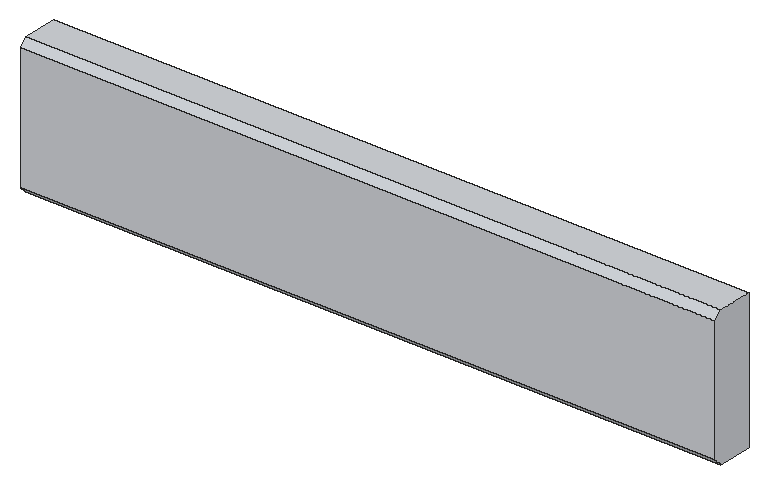
Revit family "SB_wrijfgording", category Structural Framing, Revit 2023
Family settings
  Section Shape = Not Defined
  Material for Model Behavior = Other
  Always export as geometry = No
  OmniClass Number = 23.25.30.11.14.14
  OmniClass Title = Beams
  Always vertical = Yes
  Cut with Voids When Loaded = No
  Symbolic Representation = From Family
  Shared = No
  Show family pre-cut in plan views = Yes
Parameters
  Length [instance] = 3000 mm
  IB_wrijfstijl_hoogte [instance] = 500 mm
  IB_wrijfstijl_breedte [instance] = 150 mm
Reference planes
  plane 1 "Center (Front/Back)": y = 0
  plane 2 "Center Elevation": z = 0
  plane 3 "Center (Left/Right)": x = 0
  plane 4 "Left": x = -1500
  plane 5 "Member Left": x = -1250
  plane 6 "Stick Symbol Left": x = -1000
  plane 7 "Right": x = 1500
  plane 8 "Member Right": x = 1250
  plane 9 "Stick Symbol Right": x = 1000
  plane 10: y = 150
  plane 11: z = 250
  plane 12: z = -250
Forms (mm)
  Extrusion 1, solid, detail levels medium+fine
    sketch origin (0, 0, 0) x (0, 1, 0) y (0, 0, 1)
      loop
        line (150, 250) -> (25, 250) -> (0, 225) -> (0, -225) -> (25, -250) -> (150, -250) -> (150, 250)
    from -1250 to 1250
Lines and regions (mm)
  model lines, style "Stick Symbols", detail levels coarse
    curve 1: line (-1000, 0, 0) -> (1000, 0, 0)
Dimensions and locks
  equal spacing: plane 4 "Left", plane 3 "Center (Left/Right)", plane 7 "Right"
  "Length": plane 4 "Left" to plane 7 "Right"
  "IB_wrijfstijl_breedte": plane 10 to plane 1 "Center (Front/Back)"
  "IB_wrijfstijl_hoogte": plane 11 to plane 12
  equal spacing: plane 12, plane 2 "Center Elevation", plane 11
  aligned and locked: plane 5 "Member Left" to Extrusion 1
  aligned and locked: Extrusion 1 to plane 8 "Member Right"
  aligned and locked: plane 1 "Center (Front/Back)" to curve 1
  aligned and locked: plane 6 "Stick Symbol Left" to curve 1
  aligned and locked: plane 9 "Stick Symbol Right" to curve 1
  aligned and locked: level to plane 2 "Center Elevation"
  aligned and locked: plane 1 "Center (Front/Back)" to Extrusion 1 sketch curve
  aligned and locked: plane 11 to Extrusion 1 sketch curve
  aligned and locked: Extrusion 1 sketch curve to plane 12
Automatic sketch dimensions
  Extrusion 1 sketch curve to plane 10 = 0 mm
  Extrusion 1 sketch curve to plane 1 "Center (Front/Back)" = 25 mm  (x2)
  Extrusion 1 sketch curve to plane 12 = 25 mm
  plane 11 to Extrusion 1 sketch curve = 25 mm
